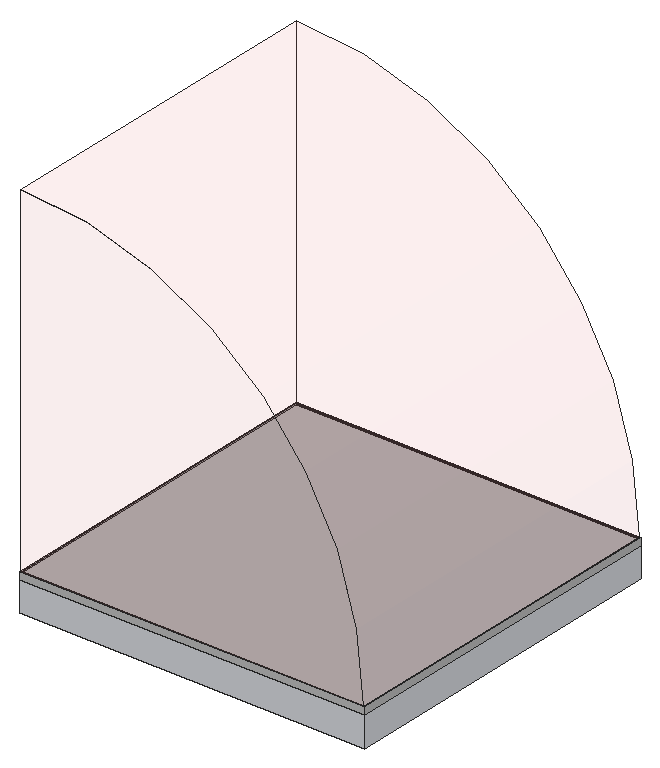
Revit family "Door_Access_Flush_Acudor_DW-5040", category Generic Models, host Face, Revit 2020
Family settings
  Host = Face
  Can host rebar = No
  Round Connector Dimension = Use Diameter
  Part Type = Normal
  Cut with Voids When Loaded = No
  Shared = No
  Room Calculation Point = No
Parameters
  negdrythick [instance] = -(Drywall Thickness)  # -0' - 0 1/2"
  Warranty Duration (Years) = 0
  Unit Width = 2' - 0"
  Unit Weight = 0
  Unit Height = 2' - 0"
  Unit Depth = 0' - 1 29/32"
  URL = "http://www.acudor.com/"
  Test Data = ""
  Swing Clearance Visible [instance] = yes
  Standards Conformance = "as Specified"
  Specification = ""
  SpecWizard = ""
  Send Message = ""
  Sales Information = "http://www.acudor.com/contactus"
  Revision = "R1_2017-03"
  Product Properties = ""
  Product Data = "http://www.arcat.com/arcatcos/cos30/arc30126.html"
  Overall Width = 2' - 10"
  Overall Height = 2' - 10"
  Opening Width = Unit Width + 0' 0 3/8"  # 2' - 0 3/8"
  Opening Height = Unit Height + 0' 0 3/8"  # 2' - 0 3/8"
  Opening Depth [instance] = 1' - 0"
  Mounting Height [instance] = 2' - 0"
  Model = "As Specified"
  Manufacturer Website = "http://www.acudor.com/"
  Manufacturer Phone - Toll Free = "800-722-0501"
  Manufacturer Phone = "973-575-5120"
  Manufacturer Fax = "973-575-5160"
  Manufacturer Address = "80 Little Falls Rd.  Fairfield, NJ 07004"
  Manufacturer = "Acudor Products Inc"
  Maintenance Schedule (Months) = 0
  Keynote = ""
  Installation-Fabrication = ""
  Installation Phase = ""
  Green Building-LEED = "http://www.arcat.com/green/clients/leed_data_30126.html"
  Fixture Finish [instance] = Metal - Acudor - Steel
  Fire Performance = "as Specified"
  Expected Lifespan (Years) = 0
  Drywall Thickness [instance] = 0' - 0 1/2"
  Drawn By = "Sumex Design, Inc. / Robert S. Weygant, CSI, CDT, SCIP"
  Door Width = Unit Width - 0' 0 1/8"  # 1' - 11 7/8"
  Door Height = Unit Height - 0' 0 1/8"  # 1' - 11 7/8"
  Description = "Acudor Product as Specified"
  Default Elevation = 0' - 0"  # constant formula
  Copyright = "©Arcat Inc."
  Construction Details = ""
  Clearance Material [instance] = ARCAT Clearance
  Clear Opening Width = 1' - 8"
  Clear Opening Height = 2' - 0"
  Available Options [instance] = "as Specified"
  Assembly Code = ""
Reference planes (in)
  plane 1 "Center (Front/Back)": y = -24
  plane 2: z = 0
  plane 3 "Center (Left/Right)": x = 0
  plane 4: y = -12
  plane 5: y = -36
  plane 6: x = -12
  plane 7: x = 12
  plane 8: z = 0
  plane 9: y = -7
  plane 10: y = -41
  plane 11: x = -17
  plane 12: x = 17
  plane 13: z = -1.90625
  plane 14: x = -12.1875
  plane 15: x = 12.1875
  plane 16: y = -11.8125
  plane 17: y = -36.1875
  plane 18: z = -12
  plane 19 "FF": y = -60
Forms (in)
  Extrusion 1, void
    sketch origin (0, 0, 0) x (1, 0, 0) y (0, 1, 0)
      loop
        line (-12.1875, -11.8125) -> (-12.1875, -36.1875) -> (12.1875, -36.1875) -> (12.1875, -11.8125) -> (-12.1875, -11.8125)
    from -12 to -0.125
  Extrusion 2, solid, material "Metal - Acudor - Steel" <- "Fixture Finish"
    sketch origin (0, 0, 0) x (1, 0, 0) y (0, 1, 0)
      loop
        line (-12, -12) -> (-12, -36) -> (12, -36) -> (12, -12) -> (-12, -12)
      loop
        line (-11.9375, -35.9375) -> (11.9375, -35.9375) -> (11.9375, -12.0625) -> (-11.9375, -12.0625) -> (-11.9375, -35.9375)
    from 0 to -0.5 <- "negdrythick"
  Extrusion 3, solid
    sketch origin (0, 0, 0) x (1, 0, 0) y (0, 1, 0)
      loop
        line (-12, -12) -> (-12, -36) -> (12, -36) -> (12, -12) -> (-12, -12)
    from -0.5 <- "negdrythick" to -2.5625
  Extrusion 4, solid, material "Metal - Acudor - Steel" <- "Fixture Finish"
    sketch origin (0, 0, 0) x (1, 0, 0) y (0, 1, 0)
      loop
        line (-11.9375, -12.0625) -> (-11.9375, -35.9375) -> (11.9375, -35.9375) -> (11.9375, -12.0625) -> (-11.9375, -12.0625)
    from -0.03125 to -0.5 <- "negdrythick"
  Extrusion 5, void
    sketch origin (0, 0, 0) x (1, 0, 0) y (0, 1, 0)
      loop
        line (-12, -12) -> (-12, -36) -> (12, -36) -> (12, -12) -> (-12, -12)
    from 0 to -0.125
  Extrusion 6, solid, material "ARCAT Clearance" <- "Clearance Material", visible <- "Swing Clearance Visible"
    sketch origin (0, -24, 0) x (1, 0, 0) y (0, 0, 1)
      loop
        arc (11.9375, 0) -> (4.94467, 16.88217) -> (-11.9375, 23.875) r 23.875
        line (-11.9375, 23.875) -> (-11.9375, 0) -> (11.9375, 0)
    from -12 to 12
Lines and regions (in)
  model lines, style "GenericModelHiddenLines"
    curve 1: line (12, -12, -0.03125) -> (-12, -24, -0.03125)
    curve 2: line (-12, -24, -0.03125) -> (12, -36, -0.03125)
Dimensions and locks (in)
  locked: plane 8 to level
  equal spacing: plane 4, plane 1 "Center (Front/Back)", plane 5
  "Unit Height": plane 4 to plane 5
  equal spacing: plane 6, plane 3 "Center (Left/Right)", plane 7
  "Unit Width": plane 6 to plane 7
  equal spacing: plane 11, plane 3 "Center (Left/Right)", plane 12
  equal spacing: plane 9, plane 1 "Center (Front/Back)", plane 10
  "Overall Width": plane 11 to plane 12
  "Overall Height": plane 9 to plane 10
  "Unit Depth": plane 8 to plane 13
  equal spacing: plane 16, plane 1 "Center (Front/Back)", plane 17
  equal spacing: plane 14, plane 3 "Center (Left/Right)", plane 15
  "Opening Width": plane 14 to plane 15
  "Opening Height": plane 16 to plane 17
  "Opening Depth": level to plane 18
  locked: plane 6 to Extrusion 2 sketch curve at 0.0625
  locked: plane 4 to Extrusion 2 sketch curve at 0.0625
  locked: Extrusion 2 sketch curve to plane 7 at 0.0625
  locked: Extrusion 2 sketch curve to plane 5 at 0.0625
  locked: plane 6 to Extrusion 4 sketch curve at 0.0625
  locked: Extrusion 4 sketch curve to plane 7 at 0.0625
  locked: plane 4 to Extrusion 4 sketch curve at 0.0625
  locked: Extrusion 4 sketch curve to plane 5 at 0.0625
  "Mounting Height": plane 5 to plane 19 "FF"
  locked: Extrusion 6 sketch curve to plane 6 at 0.0625
  "Door Width": radius of Extrusion 6 sketch curve
  aligned and locked: host face to plane 2
  aligned and locked: host face to level
  aligned and locked: Extrusion 1 sketch curve to plane 16
  aligned and locked: Extrusion 1 sketch curve to plane 14
  aligned and locked: plane 17 to Extrusion 1 sketch curve
  aligned and locked: Extrusion 1 sketch curve to plane 15
  aligned and locked: Extrusion 1 to plane 18
  aligned and locked: Extrusion 2 sketch curve to plane 4
  aligned and locked: Extrusion 2 sketch curve to plane 6
  aligned and locked: plane 5 to Extrusion 2 sketch curve
  aligned and locked: Extrusion 2 sketch curve to plane 7
  aligned and locked: Extrusion 5 sketch curve to Extrusion 2  (x4)
  aligned and locked: plane 1 "Center (Front/Back)" to curve 2
  aligned and locked: curve 2 to plane 6
  aligned and locked: Extrusion 6 to plane 5
  aligned and locked: plane 4 to Extrusion 6
  aligned and locked: Extrusion 3 sketch curve to Extrusion 2  (x3)
  aligned and locked: Extrusion 3 sketch curve to plane 6
Automatic sketch dimensions
  host sketch curve to host sketch curve = 12' - 11.75605"
  host sketch curve to host sketch curve = 12' - 7.74281"
  Extrusion 4 to curve 2 = 0' - 0 1/16"  (x2)
  Extrusion 4 to curve 1 = 0' - 0 1/16"  (x2)
  Extrusion 6 sketch curve to level = 0' - 0"
  Extrusion 6 sketch curve to Extrusion 6 sketch curve = 0' - 0"
